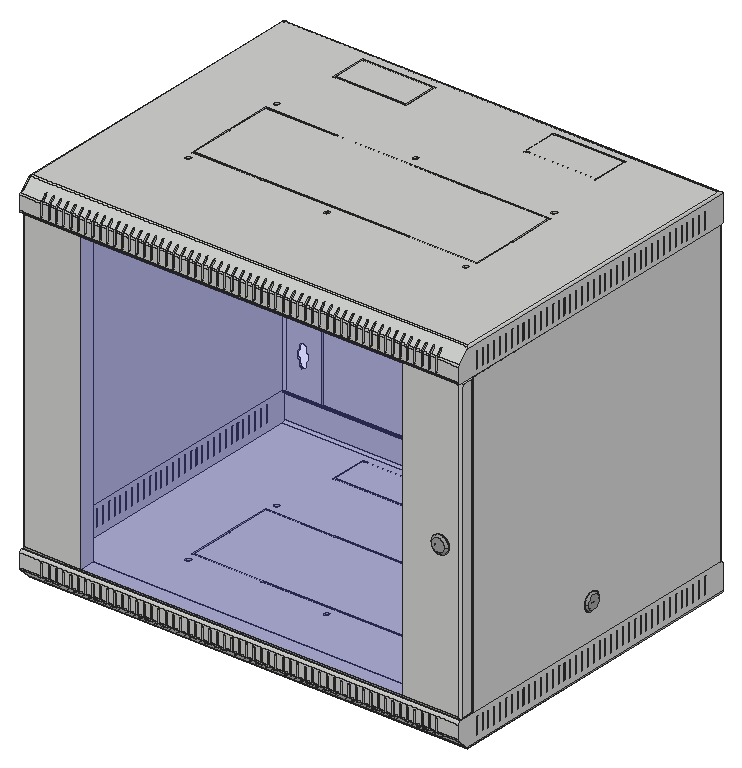
Revit family "600х450", category Обобщенные модели, Revit 2019 (continued)
Definition of nested family "Крышка 450"
  Automatic sketch dimensions
    plane 8 to Extrusion 122 sketch curve = 178.007 mm
    Extrusion 122 sketch curve to Extrusion 122 sketch curve = 1.747 mm
    plane 6 to Extrusion 123 sketch curve = 33.804 mm
    plane 6 to Extrusion 123 sketch curve = 11.804 mm
    plane 8 to Extrusion 123 sketch curve = 198.007 mm
    Extrusion 123 sketch curve to Extrusion 123 sketch curve = 1.747 mm
    plane 6 to Extrusion 124 sketch curve = 33.804 mm
    plane 6 to Extrusion 124 sketch curve = 11.804 mm
    plane 8 to Extrusion 124 sketch curve = 188.007 mm
    Extrusion 124 sketch curve to Extrusion 124 sketch curve = 1.747 mm
    plane 6 to Extrusion 125 sketch curve = 33.804 mm
    plane 6 to Extrusion 125 sketch curve = 11.804 mm
    plane 8 to Extrusion 125 sketch curve = 208.007 mm
    Extrusion 125 sketch curve to Extrusion 125 sketch curve = 1.747 mm
    plane 6 to Extrusion 126 sketch curve = 33.804 mm
    plane 6 to Extrusion 126 sketch curve = 11.804 mm
    level to Extrusion 126 sketch curve = 221.993 mm
    Extrusion 126 sketch curve to Extrusion 126 sketch curve = 1.747 mm
    plane 6 to Extrusion 127 sketch curve = 33.804 mm
    plane 6 to Extrusion 127 sketch curve = 11.804 mm
    plane 8 to Extrusion 127 sketch curve = 218.007 mm
    Extrusion 127 sketch curve to Extrusion 127 sketch curve = 1.747 mm
    plane 6 to Extrusion 128 sketch curve = 33.804 mm
    plane 6 to Extrusion 128 sketch curve = 11.804 mm
    level to Extrusion 128 sketch curve = 211.993 mm
    Extrusion 128 sketch curve to Extrusion 128 sketch curve = 1.747 mm
    plane 6 to Extrusion 129 sketch curve = 33.804 mm
    plane 6 to Extrusion 129 sketch curve = 11.804 mm
    level to Extrusion 129 sketch curve = 191.993 mm
    Extrusion 129 sketch curve to Extrusion 129 sketch curve = 1.747 mm
    plane 6 to Extrusion 130 sketch curve = 33.804 mm
    plane 6 to Extrusion 130 sketch curve = 11.804 mm
    level to Extrusion 130 sketch curve = 201.993 mm
    Extrusion 130 sketch curve to Extrusion 130 sketch curve = 1.747 mm
    plane 6 to Extrusion 131 sketch curve = 33.804 mm
    plane 6 to Extrusion 131 sketch curve = 11.804 mm
    level to Extrusion 131 sketch curve = 181.993 mm
    Extrusion 131 sketch curve to Extrusion 131 sketch curve = 1.747 mm
    plane 6 to Extrusion 132 sketch curve = 33.804 mm
    plane 6 to Extrusion 132 sketch curve = 11.804 mm
    plane 8 to Extrusion 132 sketch curve = 221.5 mm
    Extrusion 132 sketch curve to Extrusion 132 sketch curve = 1.747 mm
    plane 6 to Extrusion 133 sketch curve = 33.804 mm
    plane 6 to Extrusion 133 sketch curve = 11.804 mm
    plane 8 to Extrusion 133 sketch curve = 211.5 mm
    Extrusion 133 sketch curve to Extrusion 133 sketch curve = 1.747 mm
    plane 6 to Extrusion 134 sketch curve = 33.804 mm
    plane 6 to Extrusion 134 sketch curve = 11.804 mm
    plane 8 to Extrusion 134 sketch curve = 201.5 mm
    Extrusion 134 sketch curve to Extrusion 134 sketch curve = 1.747 mm
    plane 6 to Extrusion 135 sketch curve = 33.804 mm
    plane 6 to Extrusion 135 sketch curve = 11.804 mm
    plane 8 to Extrusion 135 sketch curve = 191.5 mm
    Extrusion 135 sketch curve to Extrusion 135 sketch curve = 1.747 mm
    plane 6 to Extrusion 136 sketch curve = 33.804 mm
    plane 6 to Extrusion 136 sketch curve = 11.804 mm
    plane 8 to Extrusion 136 sketch curve = 181.5 mm
    Extrusion 136 sketch curve to Extrusion 136 sketch curve = 1.747 mm
    plane 6 to Extrusion 137 sketch curve = 33.804 mm
    plane 6 to Extrusion 137 sketch curve = 11.804 mm
    level to Extrusion 137 sketch curve = 178.5 mm
    Extrusion 137 sketch curve to Extrusion 137 sketch curve = 1.747 mm
    plane 6 to Extrusion 138 sketch curve = 33.804 mm
    plane 6 to Extrusion 138 sketch curve = 11.804 mm
    level to Extrusion 138 sketch curve = 188.5 mm
    Extrusion 138 sketch curve to Extrusion 138 sketch curve = 1.747 mm
    plane 6 to Extrusion 139 sketch curve = 33.804 mm
    plane 6 to Extrusion 139 sketch curve = 11.804 mm
    level to Extrusion 139 sketch curve = 198.5 mm
    Extrusion 139 sketch curve to Extrusion 139 sketch curve = 1.747 mm
    plane 6 to Extrusion 140 sketch curve = 33.804 mm
    plane 6 to Extrusion 140 sketch curve = 11.804 mm
    level to Extrusion 140 sketch curve = 208.5 mm
    Extrusion 140 sketch curve to Extrusion 140 sketch curve = 1.747 mm
    plane 6 to Extrusion 141 sketch curve = 33.804 mm
    plane 6 to Extrusion 141 sketch curve = 11.804 mm
    level to Extrusion 141 sketch curve = 218.5 mm
    Extrusion 141 sketch curve to Extrusion 141 sketch curve = 1.747 mm
    radius of Extrusion 7 sketch curve = 3.3 mm  (x6)
Definition of nested family "Дверь_С"
  Parameters (values of type "Дверь_С")
    Ширина = 600 mm
    ADSK_Размер_Высота [instance] = 500 mm
  Reference planes
    plane 1 "По центру (Вперед/Назад)": y = 0
    plane 2: z = 0
    plane 3 "По центру (Влево/Вправо)": x = 0
    plane 4: z = 250
    plane 5: z = -250
    plane 6: x = -300
    plane 7: x = 300
  Forms (mm)
    Extrusion 1, solid, detail levels medium+fine
      sketch origin (0, 0, 0) x (1, 0, 0) y (0, 0, 1)
        loop
          line (297, 250) -> (-297, 250)
          arc (-297, 250) -> (-299.121, 249.121) -> (-300, 247) r 3
          line (-300, 247) -> (-300, -247)
          arc (-300, -247) -> (-299.121, -249.121) -> (-297, -250) r 3
          line (-297, -250) -> (297, -250)
          arc (297, -250) -> (299.121, -249.121) -> (300, -247) r 3
          line (300, -247) -> (300, 247)
          arc (300, 247) -> (299.121, 249.121) -> (297, 250) r 3
        loop
          line (-220, 247.042) -> (-220, -247.042) -> (220, -247.042) -> (220, 247.042) -> (-220, 247.042)
      from 0 to 20
    Extrusion 2, void, detail levels medium+fine
      sketch origin (0, 0, 0) x (1, 0, 0) y (0, 1, 0)
        loop
          line (-300, 0) -> (-300, -3)
          arc (-300, -3) -> (-299.121, -0.879) -> (-297, 0) r 3
          line (-297, 0) -> (-300, 0)
        loop
          line (300, 0) -> (297, 0)
          arc (297, 0) -> (299.121, -0.879) -> (300, -3) r 3
          line (300, -3) -> (300, 0)
        loop
          line (-300, -20) -> (-297, -20)
          arc (-297, -20) -> (-299.121, -19.121) -> (-300, -17) r 3
          line (-300, -17) -> (-300, -20)
        loop
          line (300, -20) -> (300, -17)
          arc (300, -17) -> (299.121, -19.121) -> (297, -20) r 3
          line (297, -20) -> (300, -20)
      from -250 to 250
    Extrusion 3, void, detail levels medium+fine
      sketch origin (0, 0, 0) x (0, 1, 0) y (0, 0, 1)
        loop
          line (0, 250) -> (-2.958, 250)
          arc (-2.958, 250) -> (-0.866, 249.134) -> (0, 247.042) r 2.958
          line (0, 247.042) -> (0, 250)
        loop
          line (0, -250) -> (0, -247.042)
          arc (0, -247.042) -> (-0.866, -249.134) -> (-2.958, -250) r 2.958
          line (-2.958, -250) -> (0, -250)
        loop
          line (-20, 250) -> (-20, 247.042)
          arc (-20, 247.042) -> (-19.134, 249.134) -> (-17.042, 250) r 2.958
          line (-17.042, 250) -> (-20, 250)
        loop
          line (-20, -250) -> (-17.042, -250)
          arc (-17.042, -250) -> (-19.134, -249.134) -> (-20, -247.042) r 2.958
          line (-20, -247.042) -> (-20, -250)
      from -300 to 300
    Extrusion 4, solid, detail levels medium+fine
      sketch origin (271.4, 0, 0) x (1, 0, 0) y (0, 0, 1)
        loop
          circle (0, 0) r 12
      from 20 to 21
    Blend 5, solid, detail levels medium+fine
      base sketch origin (143.882, 0, 0) x (1, 0, 0) y (0, 0, 1)
        loop
          circle (127.518, 0) r 12
      top sketch origin (143.882, 0, 0) x (1, 0, 0) y (0, 0, 1)
        loop
          circle (127.518, 0) r 9
      from 21 to 24
    Extrusion 6, void, detail levels medium+fine
      sketch origin (271.39, 0, -0.135) x (1, 0, 0) y (0, 0, 1)
        loop
          line (-3.979, 0.868) -> (-3.979, -0.615) -> (3.999, -0.615) -> (3.999, 0.868) -> (-3.979, 0.868)
      from 24 to 22
    Extrusion 7, solid, detail levels medium+fine
      sketch origin (0, 0, 0) x (1, 0, 0) y (0, 0, 1)
        loop
          line (-220, 247.042) -> (-220, -247.042) -> (220, -247.042) -> (220, 247.042) -> (-220, 247.042)
      from 20 to 0
  Cuts and joins
    Extrusion 2, Extrusion 3 cuts Extrusion 1
    Extrusion 6 cuts Blend 5
  Dimensions and locks
    equal spacing: plane 4, level, plane 5
    "ADSK_Размер_Высота": plane 4 to plane 5
    equal spacing: plane 7, plane 3 "По центру (Влево/Вправо)", plane 6
    "Ширина": plane 7 to plane 6
    locked: Extrusion 1 to Extrusion 1 at 20
    locked: plane 4 to cut or joined group of Extrusion 1, Extrusion 2, Extrusion 3 at 2.958
    locked: cut or joined group of Extrusion 1, Extrusion 2, Extrusion 3 to plane 5 at 2.958
    aligned and locked: level to plane 2
    aligned and locked: Extrusion 1 to plane 1 "По центру (Вперед/Назад)"
    aligned and locked: plane 4 to Extrusion 1
    aligned and locked: plane 7 to Extrusion 1
    aligned and locked: Extrusion 1 to plane 6
    aligned and locked: Extrusion 1 to plane 5
    aligned and locked: Extrusion 2 to plane 6  (x2)
    aligned and locked: Extrusion 2 to plane 1 "По центру (Вперед/Назад)"  (x2)
    aligned and locked: Extrusion 2 to Extrusion 1
    aligned and locked: plane 7 to Extrusion 2  (x2)
    aligned and locked: Extrusion 1 to Extrusion 2
    aligned and locked: plane 4 to Extrusion 2
    aligned and locked: Extrusion 2 to plane 5
    aligned and locked: plane 4 to Extrusion 3  (x2)
    aligned and locked: Extrusion 1 to Extrusion 3
    aligned and locked: Extrusion 3 to plane 1 "По центру (Вперед/Назад)"  (x2)
    aligned and locked: Extrusion 3 to plane 5  (x2)
    aligned and locked: Extrusion 3 to Extrusion 1
    aligned and locked: plane 7 to Extrusion 3
    aligned and locked: Extrusion 3 to plane 6
    aligned and locked: cut or joined group of Extrusion 1, Extrusion 2, Extrusion 3 to Extrusion 7 sketch curve
    aligned and locked: Extrusion 7 to cut or joined group of Extrusion 1, Extrusion 2, Extrusion 3  (x4)
    aligned and locked: Extrusion 7 to plane 1 "По центру (Вперед/Назад)"
  Automatic sketch dimensions
    plane 1 "По центру (Вперед/Назад)" to Extrusion 2 sketch curve = 0 mm  (x2)
    Extrusion 2 sketch curve to plane 6 = 0 mm  (x2)
    Extrusion 2 sketch curve to plane 7 = 0 mm
    plane 7 to Extrusion 2 sketch curve = 0 mm
    plane 6 to Extrusion 2 sketch curve = 3 mm  (x2)
    Extrusion 2 sketch curve to plane 7 = 3 mm
    Extrusion 2 sketch curve to Extrusion 2 sketch curve = 3 mm
    Extrusion 2 sketch curve to Extrusion 2 sketch curve = 14 mm  (x2)
    Extrusion 3 sketch curve to plane 4 = 0 mm  (x2)
    Extrusion 3 sketch curve to plane 5 = 0 mm  (x2)
    Extrusion 3 sketch curve to plane 1 "По центру (Вперед/Назад)" = 0 mm  (x2)
    Extrusion 3 sketch curve to Extrusion 3 sketch curve = 2.958 mm  (x3)
    plane 1 "По центру (Вперед/Назад)" to Extrusion 3 sketch curve = 2.958 mm
    Extrusion 3 sketch curve to Extrusion 3 sketch curve = 14.084 mm  (x2)
    Extrusion 4 sketch curve to level = 0 mm
    plane 3 "По центру (Влево/Вправо)" to Extrusion 4 sketch curve = 271.4 mm
    Blend 5 sketch curve to level = 0 mm  (x2)
    plane 3 "По центру (Влево/Вправо)" to Blend 5 sketch curve = 271.4 mm  (x2)
    Extrusion 6 sketch curve to level = 0.75 mm
    plane 3 "По центру (Влево/Вправо)" to Extrusion 6 sketch curve = 267.411 mm
    plane 3 "По центру (Влево/Вправо)" to Extrusion 6 sketch curve = 275.389 mm
    level to Extrusion 6 sketch curve = 0.733 mm
    Extrusion 1 sketch curve to plane 6 = 0 mm
    Extrusion 1 sketch curve to plane 4 = 0 mm
    plane 5 to Extrusion 1 sketch curve = 0 mm
    Extrusion 1 sketch curve to plane 7 = 0 mm
    Extrusion 1 sketch curve to plane 4 = 3 mm
    plane 5 to Extrusion 1 sketch curve = 3 mm  (x2)
    Extrusion 1 sketch curve to level = 247.042 mm
    Extrusion 1 sketch curve to plane 3 "По центру (Влево/Вправо)" = 220 mm
    plane 3 "По центру (Влево/Вправо)" to Extrusion 1 sketch curve = 220 mm
    Extrusion 1 sketch curve to plane 7 = 3 mm
    level to Extrusion 1 sketch curve = 247.042 mm
    plane 5 to Extrusion 7 sketch curve = 2.958 mm
    plane 6 to Extrusion 7 sketch curve = 80 mm
    Extrusion 7 sketch curve to plane 7 = 80 mm
    radius of Extrusion 4 sketch curve = 12 mm
    radius of Blend 5 sketch curve = 12 mm
    radius of Blend 5 sketch curve = 9 mm
Types (8, lengths in mm): name | Дверь | Высота_двери | ADSK_Размер_Высота | ADSK_Обозначение | ADSK_Наименование | ADSK_Масса_Текст | ADSK_Марка | ADSK_Код изделия | ADSK_URL страницы изделия
  (no name) | Дверь_С : Дверь_С | 413 | 493 | "ШТ-НСрМ 9U (600x450) стеклянная дверь" | "Шкаф телекоммуникационный настенный разборный со съемными боковыми стенками 19”,9U(600x450), ШТ-НСрМ-9U-600-450-С дверь стекло ССД" | "18,5" | "ШТ-НСрМ 9U (600x450) стеклянная дверь" | "130411-00793" | "https://www.ssd.ru/shkaf-telekommunikatsionnyy-nastennyy-razbornyy-so-semnymi-bokovymi-stenkami-19-9u-600x450-sht-nsrm--75394"
  ШТ-НСрМ 9U (600x450) стеклянная дверь | Дверь_С : Дверь_С | 413 | 493 | "ШТ-НСрМ 9U (600x450) стеклянная дверь" | "Шкаф телекоммуникационный настенный разборный со съемными боковыми стенками 19”,9U(600x450), ШТ-НСрМ-9U-600-450-С дверь стекло ССД" | "18,5" | "ШТ-НСрМ 9U (600x450) стеклянная дверь" | "130411-00793" | "https://www.ssd.ru/shkaf-telekommunikatsionnyy-nastennyy-razbornyy-so-semnymi-bokovymi-stenkami-19-9u-600x450-sht-nsrm--75394"
  ШТ-НСрМ 9U (600x450) металлическая дверь | Дверь_М : Дверь_М | 413 | 493 | "ШТ-НСрМ 9U (600x450) металлическая дверь" | "Шкаф телекоммуникационный настенный разборный со съемными боковыми стенками 19”,9U(600x450), ШТ-НСрМ-9U-600-450-М дверь металл ССД" | "17,9" | "ШТ-НСрМ 9U (600x450) металлическая дверь" | "130411-00794" | "https://www.ssd.ru/shkaf-telekommunikatsionnyy-nastennyy-razbornyy-so-semnymi-bokovymi-stenkami-19-9u-600x450-sht-nsrm-"
  ШТ-НСрМ 12U (600x450) стеклянная дверь | Дверь_С : Дверь_С | 546 | 626 | "ШТ-НСрМ 12U (600x450) стеклянная дверь" | "Шкаф телекоммуникационный настенный разборный со съемными боковыми стенками 19”,12U(600x450), ШТ-НСрМ-12U-600-450-С дверь стекло ССД" | "21,5" | "ШТ-НСрМ 12U (600x450) стеклянная дверь" | "130411-00796" | "https://www.ssd.ru/shkaf-telekommunikatsionnyy-nastennyy-razbornyy-so-semnymi-bokovymi-stenkami-19-12u-600x450-sht-nsrm-75396"
  ШТ-НСрМ 12U (600x450) металлическая дверь | Дверь_М : Дверь_М | 546 | 626 | "ШТ-НСрМ 12U (600x450) металлическая дверь" | "Шкаф телекоммуникационный настенный разборный со съемными боковыми стенками 19”,12U(600x450), ШТ-НСрМ-12U-600-450-М дверь металл ССД" | "20,4" | "ШТ-НСрМ 12U (600x450) металлическая дверь" | "130411-00797" | "https://www.ssd.ru/shkaf-telekommunikatsionnyy-nastennyy-razbornyy-so-semnymi-bokovymi-stenkami-19-12u-600x450-sht-nsrm"
  ШТ-НСрМ 15U (600x450) металлическая дверь | Дверь_М : Дверь_М | 680 | 760 | "ШТ-НСрМ 15U (600x450) металлическая дверь" | "Шкаф телекоммуникационный настенный разборный со съемными боковыми стенками 19”,15U(600x450), ШТ-НСрМ-15U-600-450-М дверь металл ССД" | "26,5" | "ШТ-НСрМ 15U (600x450) металлическая дверь" | "130411-00799" | "https://www.ssd.ru/shkaf-telekommunikatsionnyy-nastennyy-razbornyy-so-semnymi-bokovymi-stenkami-19-18u-600x450-sht-nsrm-75399"
  ШТ-НСрМ 18U (600x450) металлическая дверь | Дверь_М : Дверь_М | 813 | 893 | "ШТ-НСрМ 18U (600x450) металлическая дверь" | "Шкаф телекоммуникационный настенный разборный со съемными боковыми стенками 19”,18U(600x450), ШТ-НСрМ-18U-600-450-М дверь металл ССД" | "25,4" | "ШТ-НСрМ 18U (600x450) металлическая дверь" | "130411-00800" | "https://www.ssd.ru/shkaf-telekommunikatsionnyy-nastennyy-razbornyy-so-semnymi-bokovymi-stenkami-19-18u-600x450-sht-nsrm"
  ШТ-НСрМ 18U (600x450) стеклянная дверь | Дверь_С : Дверь_С | 813 | 893 | "ШТ-НСрМ 18U (600x450) стеклянная дверь" | "Шкаф телекоммуникационный настенный разборный со съемными боковыми стенками 19”,18U(600x450), ШТ-НСрМ-18U-600-450-С дверь стекло ССД" | "25,4" | "ШТ-НСрМ 18U (600x450) стеклянная дверь" | "130411-00799" | "https://www.ssd.ru/shkaf-telekommunikatsionnyy-nastennyy-razbornyy-so-semnymi-bokovymi-stenkami-19-18u-600x450-sht-nsrm-75399"
